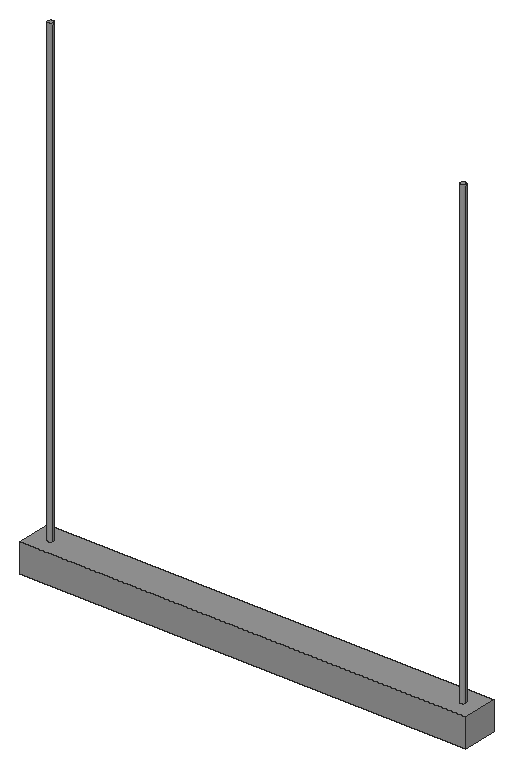
Revit family "IVLB_L4U_LF_Forsite 865 PE", category Lighting Fixtures, Revit 2019
Family settings
  Round Connector Dimension = Use Diameter
  Part Type = Normal
  OmniClass Number = 23.80.70.11.14.11
  OmniClass Title = Downlights
  Work Plane-Based = No
  Always vertical = Yes
  Cut with Voids When Loaded = No
  Light Source = Yes
  Shared = No
  Room Calculation Point = Yes
Parameters (values of type "Forsite 865 6950lm_830 52W 90deg")
  Wattage Comments = "51"
  Wattage = 3.36605 W
  built-in parameter 1150110 = 1 (stored number, unit not read)
  Voltage = 230 V
  URL = "www.light4u.com"
  Type Comments = "865 PE"
  built-in parameter 1114217 = 1 (stored number, unit not read)
  Tilt Angle = 90.00°
  built-in parameter 1150109 = 1 (stored number, unit not read)
  built-in parameter 1150134 = 3
  Symbol_ToScale [instance] = not(Symbol_RealSize)  # no
  Symbol_RealSize [instance] = yes
  Switch Code [instance] = ""
  built-in parameter 1150113 = 1 (stored number, unit not read)
  Photometric Web File = "Forsite 865 6950lm_830 52W 90deg.ies"
  Model = "Forsite"
  Manufacturer = "Light4U"
  built-in parameter 1150105 = 39.789 (stored number, unit not read)
  Luminous Flux (lm) = 6950 lm
  Lumens = 6950 lm
  built-in parameter 1150115 = 1 (stored number, unit not read)
  Luminaire Code [instance] = ""
  built-in parameter 1150137 = (empty or 0)
  built-in parameter 1150139 = (empty or 0)
  built-in parameter 1150112 = 1 (stored number, unit not read)
  built-in parameter 1150114 = 1 (stored number, unit not read)
  Lamp = "LED"
  LED Panel = yes
  Suspension Length [instance] = 900 mm
  L4 = 800 mm
  L3 = 7 mm
  L2 = 66 mm
  L1 = 865 mm
  built-in parameter 1150132 = 2
  built-in parameter 1150102 = (empty or 0)
  built-in parameter 1150107 = 3200 (stored number, unit not read)
  built-in parameter 1150138 = (empty or 0)
  built-in parameter 1150106 = 0.39789 (stored number, unit not read)
  IfcExportType = "USERDEFINED"
  IfcExportAs = "IfcLightFixtureType"
  ISBN Code = "-"
  IP Value = "IP20"
  IK Value = "-"
  Housing_Material = Select RGB Value for different appearance
  H1 = 55 mm
  GTIN Code = "-"
  Emit from Rectangle Width = L2 - (L3 * 2)  # 52 mm
  Emit from Rectangle Length = L1 - (L3 * 2)  # 851 mm
  Emit Shape Visible in Rendering = no
  built-in parameter 1150104 = 13.8 (stored number, unit not read)
  ETIM Code = "-"
  Dimming Lamp Color Temperature Shift = <None>
  Description = ""
  Content Creator® = "www.ivlibrary.com"
  Color Filter = 16777215
  Calc_SuspensionLength [instance] = if(Suspension Length < Calc_MinSuspensionLength, Calc_MinSuspensionLength, if(Suspension Length > Calc_MaxSuspensionLength, Calc_MaxSuspensionLength, Suspension Length))  # 900 mm
  Calc_MinSuspensionLength [instance] = 100 mm
  Calc_MaxSuspensionLength [instance] = 10000 mm
  Calc_L2_Symbol = L2 / 100  # 0.66 mm
  Calc_L1_Symbol = L1 / 100  # 8.65 mm
  built-in parameter 1114218 = 1 (stored number, unit not read)
  built-in parameter 1150133 = 10 (stored number, unit not read)
  Assembly Code = "63.0"
  Apparent Load = 51 VA
Types (8, lengths in mm): name | Wattage Comments | Photometric Web File | Luminous Flux (lm) | Lumens | Apparent Load
  Forsite 865 6950lm_830 52W 90deg | "51" | "Forsite 865 6950lm_830 52W 90deg.ies" | 6950 lm | 6950 lm | 51 VA
  Forsite 865 7300lm_840 52W 90deg | "51" | "Forsite 865 7300lm_840 52W 90deg.ies" | 7300 lm | 7300 lm | 51 VA
  Forsite 865 7150lm_840 52W DA | "52" | "Forsite 865 7150lm_840 52W DA.ies" | 7150 lm | 7150 lm | 52 VA
  Forsite 865 6800lm_830 52W DA | "52" | "Forsite 865 6800lm_830 52W DA.ies" | 6800 lm | 6800 lm | 52 VA
  Forsite 865 6680lm_840 52W 30deg | "51" | "Forsite 865 6680lm_840 52W 30deg.ies" | 6680 lm | 6680 lm | 51 VA
  Forsite 865 6600lm_840 52W 60deg | "51" | "Forsite 865 6600lm_840 52W 60deg.ies" | 6600 lm | 6600 lm | 51 VA
  Forsite 865 6350lm_830 52W 30deg | "51" | "Forsite 865 6350lm_830 52W 30deg.ies" | 6369 lm | 6369 lm | 51 VA
  Forsite 865 6300lm 830 52W 60deg | "51" | "Forsite 865 6300lm 830 52W 60deg.ies" | 6300 lm | 6300 lm | 51 VA
Reference planes
  plane 1 "Center (Front/Back)": y = 0
  plane 2: z = 0
  plane 3 "Center (Left/Right)": x = 0
  plane 4: x = -425.5
  plane 5: x = 425.5
  plane 6: y = 26
  plane 7: y = -26
  plane 8: x = -432.5
  plane 9: x = 432.5
  plane 10: y = -33
  plane 11: y = 33
  plane 12: z = -900
  plane 13: z = -955
Forms (mm)
  Extrusion 1, solid, material "Select RGB Value for different appearance" <- "Housing_Material"
    sketch origin (0, 0, 0) x (1, 0, 0) y (0, 1, 0)
      loop
        circle (-400, 0) r 5
      loop
        circle (400, 0) r 5
    from 0 to -900
Lines and regions (mm)
  symbolic lines, visible <- "Symbol_RealSize"
    curve 1: line (-432.5, -33, 0) -> (432.5, -33, 0)
    curve 2: line (-432.5, 33, 0) -> (-432.5, -33, 0)
    curve 3: line (432.5, 33, 0) -> (-432.5, 33, 0)
    curve 4: line (432.5, -33, 0) -> (432.5, 33, 0)
Dimensions and locks
  equal spacing: plane 11, plane 1 "Center (Front/Back)", plane 10
  equal spacing: plane 8, plane 3 "Center (Left/Right)", plane 9
  "L1": plane 8 to plane 9
  "L2": plane 11 to plane 10
  "L3": plane 8 to plane 4
  "L3": plane 5 to plane 9
  "L3": plane 6 to plane 11
  "L3": plane 7 to plane 10
  "H1": plane 12 to plane 13
  "Calc_SuspensionLength": level to plane 12
  equal spacing: Extrusion 1 sketch curve, plane 3 "Center (Left/Right)", Extrusion 1 sketch curve
  "L4": Extrusion 1 sketch curve to Extrusion 1 sketch curve
  aligned and locked: level to plane 2
  aligned and locked: plane 12 to Extrusion 1
  aligned and locked: level to Extrusion 1
  aligned and locked: nested 2 to plane 12
  aligned and locked: imposter light to plane 13
Automatic sketch dimensions
  curve 3 to plane 8 = 0 mm
  curve 1 to plane 9 = 0 mm
  curve 2 to plane 10 = 0 mm
  plane 11 to curve 2 = 0 mm
  plane 1 "Center (Front/Back)" to Extrusion 1 sketch curve = 0 mm  (x2)
  radius of Extrusion 1 sketch curve = 5 mm  (x2)
Nested families
  nested 1: "Parametric Light-Line Symbol" at (0, 0, 0), L1 <- "Calc_L1_Symbol", L2 <- "Calc_L2_Symbol", visible <- "Symbol_ToScale", type "Parametric LED Panel Symbol"
    with L2 0.66 mm, L1 8.65 mm
  nested 2: "SU Light-line Geometry" at (0, 0, -900), type "Type Catalog"
    with Symbol_ToScale no, Symbol_RealSize yes, Switch Code "", Luminaire Code ""
Connectors
  electrical at (0, 0, 0), driven by "Voltage", driven by "Apparent Load"
    settings: index 1, voltage 230 V, apparent load 0 VA, apparent load phase1 51 VA, apparent load phase2 0 VA, apparent load phase3 0 VA, power factor 1, load classification "Lighting", number of poles 1, system type 31, power factor state 1, is connector primary yes, connector utility no, sub classification motor no, connector description ""
Definition of nested family "SU Light-line Geometry"
  Parameters (values of type "Type Catalog")
    Wattage Comments = "19W"
    Voltage = 230 V
    URL = "https://www.ivlibrary.com/"
    Type Comments = "TYPENAME"
    Symbol_ToScale [instance] = not(Symbol_RealSize)  # no
    Symbol_RealSize [instance] = yes
    Switch Code [instance] = ""
    Model = "FAMILYNAME"
    Manufacturer = "MANUFACTURER"
    Luminous Flux (lm) = 500 lm
    Luminaire Code [instance] = ""
    Lamp = "LED"
    LED Panel = yes
    L3 = 7 mm
    L2 = 66 mm
    L1 = 865 mm
    IfcExportType = "USERDEFINED"
    IfcExportAs = "IfcLightFixtureType"
    ISBN Code = "ISBNCODE"
    IP Value = "IPVALUE"
    IK Value = "IKVALUE"
    Housing_Material = none
    H1 = 55 mm
    GTIN Code = "GTINCODE"
    ETIM Code = "ETIMCODE"
    Description = ""
    Content Creator® = "www.ivlibrary.com"
    Calc_L2_Symbol = L2 / 100  # 0.66 mm
    Calc_L1_Symbol = L1 / 100  # 8.65 mm
    Assembly Code = "63.0"
    Apparent Load = 19 VA
  Reference planes
    plane 1 "Center (Front/Back)": y = 0
    plane 2: z = 0
    plane 3 "Center (Left/Right)": x = 0
    plane 4: x = -425.5
    plane 5: x = 425.5
    plane 6: y = 26
    plane 7: y = -26
    plane 8: x = -432.5
    plane 9: x = 432.5
    plane 10: y = -33
    plane 11: y = 33
  Forms (mm)
    Extrusion 1, solid, material <- "Housing_Material"
      sketch origin (0, 0, -77) x (1, 0, 0) y (0, 1, 0)
        loop
          line (-425.5, 26) -> (-425.5, -26) -> (425.5, -26) -> (425.5, 26) -> (-425.5, 26)
      from 22.897 to 77
    Extrusion 2, solid, material <- "Housing_Material"
      sketch origin (0, 0, -243) x (1, 0, 0) y (0, 1, 0)
        loop
          line (-425.5, 26) -> (-425.5, -26) -> (425.5, -26) -> (425.5, 26) -> (-425.5, 26)
        loop
          line (-432.5, -33) -> (432.5, -33) -> (432.5, 33) -> (-432.5, 33) -> (-432.5, -33)
      from 243 to 188
    Extrusion 3, solid
      sketch origin (0, 0, -79.5) x (1, 0, 0) y (0, 1, 0)
        loop
          line (-425.5, 26) -> (-425.5, -26) -> (425.5, -26) -> (425.5, 26) -> (-425.5, 26)
      from 25.397 to 24.5
    Extrusion 4, solid
      sketch origin (-0.138, 0.221, 0) x (1, 0, 0) y (0, 1, 0)
        loop
          circle (-417.065, 18.024) r 5
        loop
          circle (-417.065, 0) r 5
        loop
          circle (-417.065, -18.024) r 5
      from -54.33 to -55.112
    Extrusion 5, solid
      sketch origin (834.862, 0.221, 0) x (1, 0, 0) y (0, 1, 0)
        loop
          circle (-417.065, 18.024) r 5
        loop
          circle (-417.065, 0) r 5
        loop
          circle (-417.065, -18.024) r 5
      from -54.33 to -55.112
    Extrusion 6, solid
      sketch origin (16.902, 0.221, 0) x (1, 0, 0) y (0, 1, 0)
        loop
          circle (-417.065, 18.024) r 5
        loop
          circle (-417.065, 0) r 5
        loop
          circle (-417.065, -18.024) r 5
      from -54.33 to -55.112
    Extrusion 7, solid
      sketch origin (33.943, 0.221, 0) x (1, 0, 0) y (0, 1, 0)
        loop
          circle (-417.065, 18.024) r 5
        loop
          circle (-417.065, 0) r 5
        loop
          circle (-417.065, -18.024) r 5
      from -54.33 to -55.112
    Extrusion 8, solid
      sketch origin (50.984, 0.221, 0) x (1, 0, 0) y (0, 1, 0)
        loop
          circle (-417.065, 18.024) r 5
        loop
          circle (-417.065, 0) r 5
        loop
          circle (-417.065, -18.024) r 5
      from -54.33 to -55.112
    Extrusion 9, solid
      sketch origin (68.025, 0.221, 0) x (1, 0, 0) y (0, 1, 0)
        loop
          circle (-417.065, 18.024) r 5
        loop
          circle (-417.065, 0) r 5
        loop
          circle (-417.065, -18.024) r 5
      from -54.33 to -55.112
    Extrusion 10, solid
      sketch origin (85.066, 0.221, 0) x (1, 0, 0) y (0, 1, 0)
        loop
          circle (-417.065, 18.024) r 5
        loop
          circle (-417.065, 0) r 5
        loop
          circle (-417.065, -18.024) r 5
      from -54.33 to -55.112
    Extrusion 11, solid
      sketch origin (102.107, 0.221, 0) x (1, 0, 0) y (0, 1, 0)
        loop
          circle (-417.065, 18.024) r 5
        loop
          circle (-417.065, 0) r 5
        loop
          circle (-417.065, -18.024) r 5
      from -54.33 to -55.112
    Extrusion 12, solid
      sketch origin (119.147, 0.221, 0) x (1, 0, 0) y (0, 1, 0)
        loop
          circle (-417.065, 18.024) r 5
        loop
          circle (-417.065, 0) r 5
        loop
          circle (-417.065, -18.024) r 5
      from -54.33 to -55.112
    Extrusion 13, solid
      sketch origin (136.188, 0.221, 0) x (1, 0, 0) y (0, 1, 0)
        loop
          circle (-417.065, 18.024) r 5
        loop
          circle (-417.065, 0) r 5
        loop
          circle (-417.065, -18.024) r 5
      from -54.33 to -55.112
    Extrusion 14, solid
      sketch origin (153.229, 0.221, 0) x (1, 0, 0) y (0, 1, 0)
        loop
          circle (-417.065, 18.024) r 5
        loop
          circle (-417.065, 0) r 5
        loop
          circle (-417.065, -18.024) r 5
      from -54.33 to -55.112
    Extrusion 15, solid
      sketch origin (170.27, 0.221, 0) x (1, 0, 0) y (0, 1, 0)
        loop
          circle (-417.065, 18.024) r 5
        loop
          circle (-417.065, 0) r 5
        loop
          circle (-417.065, -18.024) r 5
      from -54.33 to -55.112
    Extrusion 16, solid
      sketch origin (187.311, 0.221, 0) x (1, 0, 0) y (0, 1, 0)
        loop
          circle (-417.065, 18.024) r 5
        loop
          circle (-417.065, 0) r 5
        loop
          circle (-417.065, -18.024) r 5
      from -54.33 to -55.112
    Extrusion 17, solid
      sketch origin (204.351, 0.221, 0) x (1, 0, 0) y (0, 1, 0)
        loop
          circle (-417.065, 18.024) r 5
        loop
          circle (-417.065, 0) r 5
        loop
          circle (-417.065, -18.024) r 5
      from -54.33 to -55.112
    Extrusion 18, solid
      sketch origin (221.392, 0.221, 0) x (1, 0, 0) y (0, 1, 0)
        loop
          circle (-417.065, 18.024) r 5
        loop
          circle (-417.065, 0) r 5
        loop
          circle (-417.065, -18.024) r 5
      from -54.33 to -55.112
    Extrusion 19, solid
      sketch origin (238.433, 0.221, 0) x (1, 0, 0) y (0, 1, 0)
        loop
          circle (-417.065, 18.024) r 5
        loop
          circle (-417.065, 0) r 5
        loop
          circle (-417.065, -18.024) r 5
      from -54.33 to -55.112
    Extrusion 20, solid
      sketch origin (255.474, 0.221, 0) x (1, 0, 0) y (0, 1, 0)
        loop
          circle (-417.065, 18.024) r 5
        loop
          circle (-417.065, 0) r 5
        loop
          circle (-417.065, -18.024) r 5
      from -54.33 to -55.112
    Extrusion 21, solid
      sketch origin (272.515, 0.221, 0) x (1, 0, 0) y (0, 1, 0)
        loop
          circle (-417.065, 18.024) r 5
        loop
          circle (-417.065, 0) r 5
        loop
          circle (-417.065, -18.024) r 5
      from -54.33 to -55.112
    Extrusion 22, solid
      sketch origin (289.555, 0.221, 0) x (1, 0, 0) y (0, 1, 0)
        loop
          circle (-417.065, 18.024) r 5
        loop
          circle (-417.065, 0) r 5
        loop
          circle (-417.065, -18.024) r 5
      from -54.33 to -55.112
    Extrusion 23, solid
      sketch origin (306.596, 0.221, 0) x (1, 0, 0) y (0, 1, 0)
        loop
          circle (-417.065, 18.024) r 5
        loop
          circle (-417.065, 0) r 5
        loop
          circle (-417.065, -18.024) r 5
      from -54.33 to -55.112
    Extrusion 24, solid
      sketch origin (323.637, 0.221, 0) x (1, 0, 0) y (0, 1, 0)
        loop
          circle (-417.065, 18.024) r 5
        loop
          circle (-417.065, 0) r 5
        loop
          circle (-417.065, -18.024) r 5
      from -54.33 to -55.112
    Extrusion 25, solid
      sketch origin (340.678, 0.221, 0) x (1, 0, 0) y (0, 1, 0)
        loop
          circle (-417.065, 18.024) r 5
        loop
          circle (-417.065, 0) r 5
        loop
          circle (-417.065, -18.024) r 5
      from -54.33 to -55.112
    Extrusion 26, solid
      sketch origin (357.719, 0.221, 0) x (1, 0, 0) y (0, 1, 0)
        loop
          circle (-417.065, 18.024) r 5
        loop
          circle (-417.065, 0) r 5
        loop
          circle (-417.065, -18.024) r 5
      from -54.33 to -55.112
    Extrusion 27, solid
      sketch origin (374.76, 0.221, 0) x (1, 0, 0) y (0, 1, 0)
        loop
          circle (-417.065, 18.024) r 5
        loop
          circle (-417.065, 0) r 5
        loop
          circle (-417.065, -18.024) r 5
      from -54.33 to -55.112
    Extrusion 28, solid
      sketch origin (391.8, 0.221, 0) x (1, 0, 0) y (0, 1, 0)
        loop
          circle (-417.065, 18.024) r 5
        loop
          circle (-417.065, 0) r 5
        loop
          circle (-417.065, -18.024) r 5
      from -54.33 to -55.112
    Extrusion 29, solid
      sketch origin (408.841, 0.221, 0) x (1, 0, 0) y (0, 1, 0)
        loop
          circle (-417.065, 18.024) r 5
        loop
          circle (-417.065, 0) r 5
        loop
          circle (-417.065, -18.024) r 5
      from -54.33 to -55.112
    Extrusion 30, solid
      sketch origin (425.882, 0.221, 0) x (1, 0, 0) y (0, 1, 0)
        loop
          circle (-417.065, 18.024) r 5
        loop
          circle (-417.065, 0) r 5
        loop
          circle (-417.065, -18.024) r 5
      from -54.33 to -55.112
    Extrusion 31, solid
      sketch origin (442.923, 0.221, 0) x (1, 0, 0) y (0, 1, 0)
        loop
          circle (-417.065, 18.024) r 5
        loop
          circle (-417.065, 0) r 5
        loop
          circle (-417.065, -18.024) r 5
      from -54.33 to -55.112
    Extrusion 32, solid
      sketch origin (459.964, 0.221, 0) x (1, 0, 0) y (0, 1, 0)
        loop
          circle (-417.065, 18.024) r 5
        loop
          circle (-417.065, 0) r 5
        loop
          circle (-417.065, -18.024) r 5
      from -54.33 to -55.112
    Extrusion 33, solid
      sketch origin (477.004, 0.221, 0) x (1, 0, 0) y (0, 1, 0)
        loop
          circle (-417.065, 18.024) r 5
        loop
          circle (-417.065, 0) r 5
        loop
          circle (-417.065, -18.024) r 5
      from -54.33 to -55.112
    Extrusion 34, solid
      sketch origin (494.045, 0.221, 0) x (1, 0, 0) y (0, 1, 0)
        loop
          circle (-417.065, 18.024) r 5
        loop
          circle (-417.065, 0) r 5
        loop
          circle (-417.065, -18.024) r 5
      from -54.33 to -55.112
    Extrusion 35, solid
      sketch origin (511.086, 0.221, 0) x (1, 0, 0) y (0, 1, 0)
        loop
          circle (-417.065, 18.024) r 5
        loop
          circle (-417.065, 0) r 5
        loop
          circle (-417.065, -18.024) r 5
      from -54.33 to -55.112
    Extrusion 36, solid
      sketch origin (528.127, 0.221, 0) x (1, 0, 0) y (0, 1, 0)
        loop
          circle (-417.065, 18.024) r 5
        loop
          circle (-417.065, 0) r 5
        loop
          circle (-417.065, -18.024) r 5
      from -54.33 to -55.112
    Extrusion 37, solid
      sketch origin (545.168, 0.221, 0) x (1, 0, 0) y (0, 1, 0)
        loop
          circle (-417.065, 18.024) r 5
        loop
          circle (-417.065, 0) r 5
        loop
          circle (-417.065, -18.024) r 5
      from -54.33 to -55.112
    Extrusion 38, solid
      sketch origin (562.209, 0.221, 0) x (1, 0, 0) y (0, 1, 0)
        loop
          circle (-417.065, 18.024) r 5
        loop
          circle (-417.065, 0) r 5
        loop
          circle (-417.065, -18.024) r 5
      from -54.33 to -55.112
    Extrusion 39, solid
      sketch origin (579.249, 0.221, 0) x (1, 0, 0) y (0, 1, 0)
        loop
          circle (-417.065, 18.024) r 5
        loop
          circle (-417.065, 0) r 5
        loop
          circle (-417.065, -18.024) r 5
      from -54.33 to -55.112
    Extrusion 40, solid
      sketch origin (596.29, 0.221, 0) x (1, 0, 0) y (0, 1, 0)
        loop
          circle (-417.065, 18.024) r 5
        loop
          circle (-417.065, 0) r 5
        loop
          circle (-417.065, -18.024) r 5
      from -54.33 to -55.112
    Extrusion 41, solid
      sketch origin (613.331, 0.221, 0) x (1, 0, 0) y (0, 1, 0)
        loop
          circle (-417.065, 18.024) r 5
        loop
          circle (-417.065, 0) r 5
        loop
          circle (-417.065, -18.024) r 5
      from -54.33 to -55.112
    Extrusion 42, solid
      sketch origin (630.372, 0.221, 0) x (1, 0, 0) y (0, 1, 0)
        loop
          circle (-417.065, 18.024) r 5
        loop
          circle (-417.065, 0) r 5
        loop
          circle (-417.065, -18.024) r 5
      from -54.33 to -55.112
    Extrusion 43, solid
      sketch origin (647.413, 0.221, 0) x (1, 0, 0) y (0, 1, 0)
        loop
          circle (-417.065, 18.024) r 5
        loop
          circle (-417.065, 0) r 5
        loop
          circle (-417.065, -18.024) r 5
      from -54.33 to -55.112
    Extrusion 44, solid
      sketch origin (664.453, 0.221, 0) x (1, 0, 0) y (0, 1, 0)
        loop
          circle (-417.065, 18.024) r 5
        loop
          circle (-417.065, 0) r 5
        loop
          circle (-417.065, -18.024) r 5
      from -54.33 to -55.112
    Extrusion 45, solid
      sketch origin (681.494, 0.221, 0) x (1, 0, 0) y (0, 1, 0)
        loop
          circle (-417.065, 18.024) r 5
        loop
          circle (-417.065, 0) r 5
        loop
          circle (-417.065, -18.024) r 5
      from -54.33 to -55.112
    Extrusion 46, solid
      sketch origin (698.535, 0.221, 0) x (1, 0, 0) y (0, 1, 0)
        loop
          circle (-417.065, 18.024) r 5
        loop
          circle (-417.065, 0) r 5
        loop
          circle (-417.065, -18.024) r 5
      from -54.33 to -55.112
    Extrusion 47, solid
      sketch origin (715.576, 0.221, 0) x (1, 0, 0) y (0, 1, 0)
        loop
          circle (-417.065, 18.024) r 5
        loop
          circle (-417.065, 0) r 5
        loop
          circle (-417.065, -18.024) r 5
      from -54.33 to -55.112
    Extrusion 48, solid
      sketch origin (732.617, 0.221, 0) x (1, 0, 0) y (0, 1, 0)
        loop
          circle (-417.065, 18.024) r 5
        loop
          circle (-417.065, 0) r 5
        loop
          circle (-417.065, -18.024) r 5
      from -54.33 to -55.112
    Extrusion 49, solid
      sketch origin (749.658, 0.221, 0) x (1, 0, 0) y (0, 1, 0)
        loop
          circle (-417.065, 18.024) r 5
        loop
          circle (-417.065, 0) r 5
        loop
          circle (-417.065, -18.024) r 5
      from -54.33 to -55.112
    Extrusion 50, solid
      sketch origin (766.698, 0.221, 0) x (1, 0, 0) y (0, 1, 0)
        loop
          circle (-417.065, 18.024) r 5
        loop
          circle (-417.065, 0) r 5
        loop
          circle (-417.065, -18.024) r 5
      from -54.33 to -55.112
    Extrusion 51, solid
      sketch origin (783.739, 0.221, 0) x (1, 0, 0) y (0, 1, 0)
        loop
          circle (-417.065, 18.024) r 5
        loop
          circle (-417.065, 0) r 5
        loop
          circle (-417.065, -18.024) r 5
      from -54.33 to -55.112
    Extrusion 52, solid
      sketch origin (800.78, 0.221, 0) x (1, 0, 0) y (0, 1, 0)
        loop
          circle (-417.065, 18.024) r 5
        loop
          circle (-417.065, 0) r 5
        loop
          circle (-417.065, -18.024) r 5
      from -54.33 to -55.112
    Extrusion 53, solid
      sketch origin (817.821, 0.221, 0) x (1, 0, 0) y (0, 1, 0)
        loop
          circle (-417.065, 18.024) r 5
        loop
          circle (-417.065, 0) r 5
        loop
          circle (-417.065, -18.024) r 5
      from -54.33 to -55.112
  Cuts and joins
    joined: Extrusion 1, Extrusion 2
  Lines and regions (mm)
    symbolic lines, visible <- "Symbol_RealSize"
      curve 1: line (-432.5, -33, 0) -> (432.5, -33, 0)
      curve 2: line (-432.5, 33, 0) -> (-432.5, -33, 0)
      curve 3: line (432.5, 33, 0) -> (-432.5, 33, 0)
      curve 4: line (432.5, -33, 0) -> (432.5, 33, 0)
  Dimensions and locks
    equal spacing: plane 11, plane 1 "Center (Front/Back)", plane 10
    equal spacing: plane 8, plane 3 "Center (Left/Right)", plane 9
    "L1": plane 8 to plane 9
    "L2": plane 11 to plane 10
    "L3": plane 8 to plane 4
    "L3": plane 5 to plane 9
    "L3": plane 6 to plane 11
    "L3": plane 7 to plane 10
    "H1": level to Extrusion 2
    Extrusion 1 to Extrusion 2 = 0.897 mm
    locked: Extrusion 3 to Extrusion 2 at 0.897
    equal spacing: group 1, group 3, group 4, group 5, group 6, group 7, group 8, group 9, group 10, group 11, group 12, group 13, group 14, group 15, group 16, group 17, group 18, group 19, group 20, group 21, group 22, group 23, group 24, group 25, group 26, group 27, group 28, group 29, group 30, group 31, group 32, group 33, group 34, group 35, group 36, group 37, group 38, group 39, group 40, group 41, group 42, group 43, group 44, group 45, group 46, group 47, group 48, group 49, group 50, group 2  (x3)
    aligned and locked: level to plane 2
    aligned and locked: level to Extrusion 2
    aligned and locked: Extrusion 2 to Extrusion 3
    aligned and locked: Extrusion 1 to Extrusion 3
  Automatic sketch dimensions
    curve 3 to plane 8 = 0 mm
    curve 3 to plane 9 = 0 mm
    curve 1 to plane 10 = 0 mm
    plane 11 to curve 3 = 0 mm
    Extrusion 1 sketch curve to plane 4 = 0 mm
    Extrusion 1 sketch curve to plane 5 = 0 mm
    Extrusion 1 sketch curve to plane 7 = 0 mm
    Extrusion 1 sketch curve to plane 6 = 0 mm
    Extrusion 2 sketch curve to plane 8 = 0 mm
    Extrusion 2 sketch curve to plane 4 = 0 mm
    Extrusion 2 sketch curve to plane 5 = 0 mm
    Extrusion 2 sketch curve to plane 9 = 0 mm
    Extrusion 2 sketch curve to plane 10 = 0 mm
    Extrusion 2 sketch curve to plane 7 = 0 mm
    Extrusion 2 sketch curve to plane 6 = 0 mm
    plane 11 to Extrusion 2 sketch curve = 0 mm
    Extrusion 3 sketch curve to plane 4 = 0 mm
    Extrusion 3 sketch curve to plane 5 = 0 mm
    Extrusion 3 sketch curve to plane 7 = 0 mm
    Extrusion 3 sketch curve to plane 6 = 0 mm
    Extrusion 4 sketch curve to Extrusion 4 sketch curve = 0 mm  (x2)
    Extrusion 4 sketch curve to Extrusion 4 sketch curve = 18.024 mm  (x2)
    Extrusion 5 sketch curve to Extrusion 5 sketch curve = 0 mm  (x2)
    Extrusion 5 sketch curve to Extrusion 5 sketch curve = 18.024 mm  (x2)
    Extrusion 6 sketch curve to Extrusion 6 sketch curve = 0 mm  (x2)
    Extrusion 6 sketch curve to Extrusion 6 sketch curve = 18.024 mm  (x2)
    Extrusion 7 sketch curve to Extrusion 7 sketch curve = 0 mm  (x2)
    Extrusion 7 sketch curve to Extrusion 7 sketch curve = 18.024 mm  (x2)
    Extrusion 8 sketch curve to Extrusion 8 sketch curve = 0 mm  (x2)
    Extrusion 8 sketch curve to Extrusion 8 sketch curve = 18.024 mm  (x2)
    Extrusion 9 sketch curve to Extrusion 9 sketch curve = 0 mm  (x2)
    Extrusion 9 sketch curve to Extrusion 9 sketch curve = 18.024 mm  (x2)
    Extrusion 10 sketch curve to Extrusion 10 sketch curve = 0 mm  (x2)
    Extrusion 10 sketch curve to Extrusion 10 sketch curve = 18.024 mm  (x2)
    Extrusion 11 sketch curve to Extrusion 11 sketch curve = 0 mm  (x2)
    Extrusion 11 sketch curve to Extrusion 11 sketch curve = 18.024 mm  (x2)
    Extrusion 12 sketch curve to Extrusion 12 sketch curve = 0 mm  (x2)
    Extrusion 12 sketch curve to Extrusion 12 sketch curve = 18.024 mm  (x2)
    Extrusion 13 sketch curve to Extrusion 13 sketch curve = 0 mm  (x2)
    Extrusion 13 sketch curve to Extrusion 13 sketch curve = 18.024 mm  (x2)
    Extrusion 14 sketch curve to Extrusion 14 sketch curve = 0 mm  (x2)
    Extrusion 14 sketch curve to Extrusion 14 sketch curve = 18.024 mm  (x2)
    Extrusion 15 sketch curve to Extrusion 15 sketch curve = 0 mm  (x2)
    Extrusion 15 sketch curve to Extrusion 15 sketch curve = 18.024 mm  (x2)
    Extrusion 16 sketch curve to Extrusion 16 sketch curve = 0 mm  (x2)
    Extrusion 16 sketch curve to Extrusion 16 sketch curve = 18.024 mm  (x2)
    Extrusion 17 sketch curve to Extrusion 17 sketch curve = 0 mm  (x2)
    Extrusion 17 sketch curve to Extrusion 17 sketch curve = 18.024 mm  (x2)
    Extrusion 18 sketch curve to Extrusion 18 sketch curve = 0 mm  (x2)
    Extrusion 18 sketch curve to Extrusion 18 sketch curve = 18.024 mm  (x2)
    Extrusion 19 sketch curve to Extrusion 19 sketch curve = 0 mm  (x2)
    Extrusion 19 sketch curve to Extrusion 19 sketch curve = 18.024 mm  (x2)
    Extrusion 20 sketch curve to Extrusion 20 sketch curve = 0 mm  (x2)
    Extrusion 20 sketch curve to Extrusion 20 sketch curve = 18.024 mm  (x2)
    Extrusion 21 sketch curve to Extrusion 21 sketch curve = 0 mm  (x2)
    Extrusion 21 sketch curve to Extrusion 21 sketch curve = 18.024 mm  (x2)
    Extrusion 22 sketch curve to Extrusion 22 sketch curve = 0 mm  (x2)
    Extrusion 22 sketch curve to Extrusion 22 sketch curve = 18.024 mm  (x2)
    Extrusion 23 sketch curve to Extrusion 23 sketch curve = 0 mm  (x2)
    Extrusion 23 sketch curve to Extrusion 23 sketch curve = 18.024 mm  (x2)
    Extrusion 24 sketch curve to Extrusion 24 sketch curve = 0 mm  (x2)
    Extrusion 24 sketch curve to Extrusion 24 sketch curve = 18.024 mm  (x2)
    Extrusion 25 sketch curve to Extrusion 25 sketch curve = 0 mm  (x2)
    Extrusion 25 sketch curve to Extrusion 25 sketch curve = 18.024 mm  (x2)
    Extrusion 26 sketch curve to Extrusion 26 sketch curve = 0 mm  (x2)
    Extrusion 26 sketch curve to Extrusion 26 sketch curve = 18.024 mm  (x2)
    Extrusion 27 sketch curve to Extrusion 27 sketch curve = 0 mm  (x2)
    Extrusion 27 sketch curve to Extrusion 27 sketch curve = 18.024 mm  (x2)
    Extrusion 28 sketch curve to Extrusion 28 sketch curve = 0 mm  (x2)
    Extrusion 28 sketch curve to Extrusion 28 sketch curve = 18.024 mm  (x2)
    Extrusion 29 sketch curve to Extrusion 29 sketch curve = 0 mm  (x2)
    Extrusion 29 sketch curve to Extrusion 29 sketch curve = 18.024 mm  (x2)
    Extrusion 30 sketch curve to Extrusion 30 sketch curve = 0 mm  (x2)
    Extrusion 30 sketch curve to Extrusion 30 sketch curve = 18.024 mm  (x2)
    Extrusion 31 sketch curve to Extrusion 31 sketch curve = 0 mm  (x2)
    Extrusion 31 sketch curve to Extrusion 31 sketch curve = 18.024 mm  (x2)
    Extrusion 32 sketch curve to Extrusion 32 sketch curve = 0 mm  (x2)
    Extrusion 32 sketch curve to Extrusion 32 sketch curve = 18.024 mm  (x2)
    Extrusion 33 sketch curve to Extrusion 33 sketch curve = 0 mm  (x2)
    Extrusion 33 sketch curve to Extrusion 33 sketch curve = 18.024 mm  (x2)
    Extrusion 34 sketch curve to Extrusion 34 sketch curve = 0 mm  (x2)
    Extrusion 34 sketch curve to Extrusion 34 sketch curve = 18.024 mm  (x2)
    Extrusion 35 sketch curve to Extrusion 35 sketch curve = 0 mm  (x2)
    Extrusion 35 sketch curve to Extrusion 35 sketch curve = 18.024 mm  (x2)
    Extrusion 36 sketch curve to Extrusion 36 sketch curve = 0 mm  (x2)
    Extrusion 36 sketch curve to Extrusion 36 sketch curve = 18.024 mm  (x2)
    Extrusion 37 sketch curve to Extrusion 37 sketch curve = 0 mm  (x2)
    Extrusion 37 sketch curve to Extrusion 37 sketch curve = 18.024 mm  (x2)
    Extrusion 38 sketch curve to Extrusion 38 sketch curve = 0 mm  (x2)
    Extrusion 38 sketch curve to Extrusion 38 sketch curve = 18.024 mm  (x2)
    Extrusion 39 sketch curve to Extrusion 39 sketch curve = 0 mm  (x2)
    Extrusion 39 sketch curve to Extrusion 39 sketch curve = 18.024 mm  (x2)
    Extrusion 40 sketch curve to Extrusion 40 sketch curve = 0 mm  (x2)
    Extrusion 40 sketch curve to Extrusion 40 sketch curve = 18.024 mm  (x2)
    Extrusion 41 sketch curve to Extrusion 41 sketch curve = 0 mm  (x2)
    Extrusion 41 sketch curve to Extrusion 41 sketch curve = 18.024 mm  (x2)
    Extrusion 42 sketch curve to Extrusion 42 sketch curve = 0 mm  (x2)
    Extrusion 42 sketch curve to Extrusion 42 sketch curve = 18.024 mm  (x2)
    Extrusion 43 sketch curve to Extrusion 43 sketch curve = 0 mm  (x2)
    Extrusion 43 sketch curve to Extrusion 43 sketch curve = 18.024 mm  (x2)
    Extrusion 44 sketch curve to Extrusion 44 sketch curve = 0 mm  (x2)
    Extrusion 44 sketch curve to Extrusion 44 sketch curve = 18.024 mm  (x2)
    Extrusion 45 sketch curve to Extrusion 45 sketch curve = 0 mm  (x2)
    Extrusion 45 sketch curve to Extrusion 45 sketch curve = 18.024 mm  (x2)
    Extrusion 46 sketch curve to Extrusion 46 sketch curve = 0 mm  (x2)
    Extrusion 46 sketch curve to Extrusion 46 sketch curve = 18.024 mm  (x2)
    Extrusion 47 sketch curve to Extrusion 47 sketch curve = 0 mm  (x2)
    Extrusion 47 sketch curve to Extrusion 47 sketch curve = 18.024 mm  (x2)
    Extrusion 48 sketch curve to Extrusion 48 sketch curve = 0 mm  (x2)
    Extrusion 48 sketch curve to Extrusion 48 sketch curve = 18.024 mm  (x2)
    Extrusion 49 sketch curve to Extrusion 49 sketch curve = 0 mm  (x2)
    Extrusion 49 sketch curve to Extrusion 49 sketch curve = 18.024 mm  (x2)
    Extrusion 50 sketch curve to Extrusion 50 sketch curve = 0 mm  (x2)
    Extrusion 50 sketch curve to Extrusion 50 sketch curve = 18.024 mm  (x2)
    Extrusion 51 sketch curve to Extrusion 51 sketch curve = 0 mm  (x2)
    Extrusion 51 sketch curve to Extrusion 51 sketch curve = 18.024 mm  (x2)
    Extrusion 52 sketch curve to Extrusion 52 sketch curve = 0 mm  (x2)
    Extrusion 52 sketch curve to Extrusion 52 sketch curve = 18.024 mm  (x2)
    Extrusion 53 sketch curve to Extrusion 53 sketch curve = 0 mm  (x2)
    Extrusion 53 sketch curve to Extrusion 53 sketch curve = 18.024 mm  (x2)
    radius of Extrusion 4 sketch curve = 5 mm  (x3)
    radius of Extrusion 5 sketch curve = 5 mm  (x3)
    radius of Extrusion 6 sketch curve = 5 mm  (x3)
    radius of Extrusion 7 sketch curve = 5 mm  (x3)
    radius of Extrusion 8 sketch curve = 5 mm  (x3)
    radius of Extrusion 9 sketch curve = 5 mm  (x3)
    radius of Extrusion 10 sketch curve = 5 mm  (x3)
    radius of Extrusion 11 sketch curve = 5 mm  (x3)
    radius of Extrusion 12 sketch curve = 5 mm  (x3)
    radius of Extrusion 13 sketch curve = 5 mm  (x3)
    radius of Extrusion 14 sketch curve = 5 mm  (x3)
    radius of Extrusion 15 sketch curve = 5 mm  (x3)
    radius of Extrusion 16 sketch curve = 5 mm  (x3)
    radius of Extrusion 17 sketch curve = 5 mm  (x3)
    radius of Extrusion 18 sketch curve = 5 mm  (x3)
    radius of Extrusion 19 sketch curve = 5 mm  (x3)
    radius of Extrusion 20 sketch curve = 5 mm  (x3)
    radius of Extrusion 21 sketch curve = 5 mm  (x3)
    radius of Extrusion 22 sketch curve = 5 mm  (x3)
    radius of Extrusion 23 sketch curve = 5 mm  (x3)
    radius of Extrusion 24 sketch curve = 5 mm  (x3)
    radius of Extrusion 25 sketch curve = 5 mm  (x3)
    radius of Extrusion 26 sketch curve = 5 mm  (x3)
    radius of Extrusion 27 sketch curve = 5 mm  (x3)
    radius of Extrusion 28 sketch curve = 5 mm  (x3)
    radius of Extrusion 29 sketch curve = 5 mm  (x3)
    radius of Extrusion 30 sketch curve = 5 mm  (x3)
    radius of Extrusion 31 sketch curve = 5 mm  (x3)
    radius of Extrusion 32 sketch curve = 5 mm  (x3)
    radius of Extrusion 33 sketch curve = 5 mm  (x3)
    radius of Extrusion 34 sketch curve = 5 mm  (x3)
    radius of Extrusion 35 sketch curve = 5 mm  (x3)
    radius of Extrusion 36 sketch curve = 5 mm  (x3)
    radius of Extrusion 37 sketch curve = 5 mm  (x3)
    radius of Extrusion 38 sketch curve = 5 mm  (x3)
    radius of Extrusion 39 sketch curve = 5 mm  (x3)
    radius of Extrusion 40 sketch curve = 5 mm  (x3)
    radius of Extrusion 41 sketch curve = 5 mm  (x3)
    radius of Extrusion 42 sketch curve = 5 mm  (x3)
    radius of Extrusion 43 sketch curve = 5 mm  (x3)
    radius of Extrusion 44 sketch curve = 5 mm  (x3)
    radius of Extrusion 45 sketch curve = 5 mm  (x3)
    radius of Extrusion 46 sketch curve = 5 mm  (x3)
    radius of Extrusion 47 sketch curve = 5 mm  (x3)
    radius of Extrusion 48 sketch curve = 5 mm  (x3)
    radius of Extrusion 49 sketch curve = 5 mm  (x3)
    radius of Extrusion 50 sketch curve = 5 mm  (x3)
    radius of Extrusion 51 sketch curve = 5 mm  (x3)
    radius of Extrusion 52 sketch curve = 5 mm  (x3)
    radius of Extrusion 53 sketch curve = 5 mm  (x3)
  Nested families
    nested 1: "Parametric Light-Line Symbol" at (0, 0, 0), L1 <- "Calc_L1_Symbol", L2 <- "Calc_L2_Symbol", visible <- "Symbol_ToScale", type "Parametric LED Panel Symbol"
      with L2 0.66 mm, L1 8.65 mm
  Connectors
    electrical at (0, 0, 0), driven by "Voltage", driven by "Apparent Load"
      settings: index 2, voltage 230 V, apparent load 0 VA, apparent load phase1 19 VA, apparent load phase2 0 VA, apparent load phase3 0 VA, power factor 1, load classification none, number of poles 1, system type 31, power factor state 1, is connector primary yes, connector utility no, sub classification motor no, connector description ""
  Definition of nested family "Parametric Light-Line Symbol"
    Parameters (values of type "Parametric LED Panel Symbol")
      L2 [instance] = 4.484 mm
      L1 [instance] = 6.437 mm
    Reference planes
      plane 1: y = 0
      plane 2: x = 0
    Lines and regions (mm)
      detail lines
        curve 1: line (-3.219, 2.242, 0) -> (3.219, 2.242, 0)
        curve 2: line (-3.219, -2.242, 0) -> (-3.219, 2.242, 0)
        curve 3: line (3.219, -2.242, 0) -> (-3.219, -2.242, 0)
        curve 4: line (3.219, 2.242, 0) -> (3.219, -2.242, 0)
    Dimensions and locks
      equal spacing: curve 2, plane 2, curve 4
      equal spacing: curve 3, plane 1, curve 1
      "L1": curve 2 to curve 4
      "L2": curve 3 to curve 1
Definition of nested family "Parametric Light-Line Symbol"
  Parameters (values of type "Parametric LED Panel Symbol")
    L2 [instance] = 4.484 mm
    L1 [instance] = 6.437 mm
  Reference planes
    plane 1: y = 0
    plane 2: x = 0
  Lines and regions (mm)
    detail lines
      curve 1: line (-3.219, 2.242, 0) -> (3.219, 2.242, 0)
      curve 2: line (-3.219, -2.242, 0) -> (-3.219, 2.242, 0)
      curve 3: line (3.219, -2.242, 0) -> (-3.219, -2.242, 0)
      curve 4: line (3.219, 2.242, 0) -> (3.219, -2.242, 0)
  Dimensions and locks
    equal spacing: curve 2, plane 2, curve 4
    equal spacing: curve 3, plane 1, curve 1
    "L1": curve 2 to curve 4
    "L2": curve 3 to curve 1
